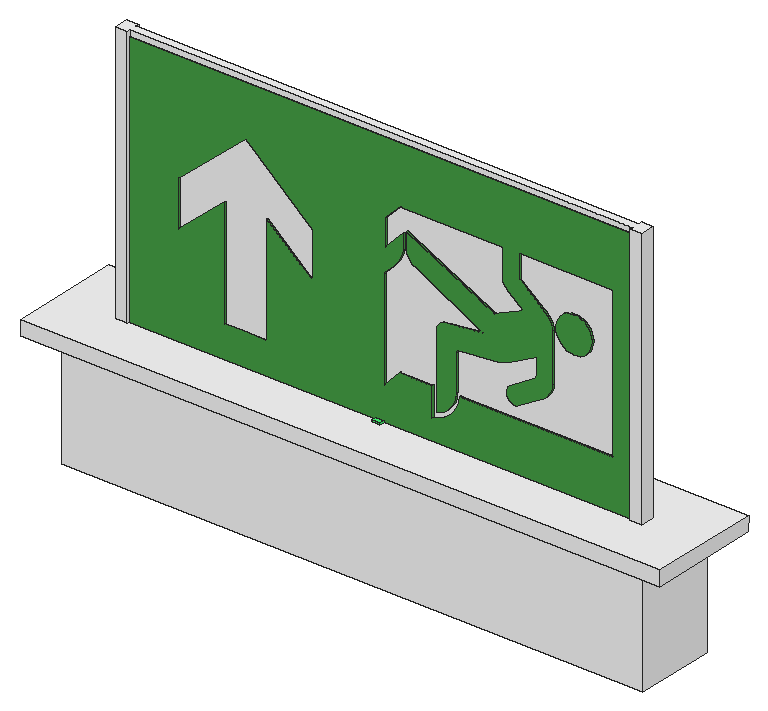
Revit family "LUBPRO-DALI-V_AUA01211230002", category Lighting Fixtures, host Face, Revit 2020
Family settings
  Host = Face
  Round Connector Dimension = Use Diameter
  Part Type = Normal
  OmniClass Number = 23.80.70.11.21
  OmniClass Title = Emergency Lighting
  Cut with Voids When Loaded = No
  Light Source = Yes
  Shared = No
  Room Calculation Point = No
Parameters (values of type "Runnign Man Left")
  Wattage = 9.2903 W
  built-in parameter 1150110 = 1 (stored number, unit not read)
  built-in parameter 1114217 = 1 (stored number, unit not read)
  Tilt Angle = 180.00°
  built-in parameter 1150109 = 1 (stored number, unit not read)
  built-in parameter 1150134 = 10
  built-in parameter 1150113 = 1 (stored number, unit not read)
  Straight line 'Face two' = no
  Straight line 'Face one' = no
  Straight line = no
  Runing Man common arrow = no
  Photometric Web File = "690_CUBPRO-VR_EM_50mA_11042019-01_IES2002_Revised.ies"
  Model = "LUBPRO-DALI-V"  # constant formula
  Material = Clevertronics_White
  Manufacturer = "Clevertronics"  # constant formula
  built-in parameter 1150105 = 109.82 (stored number, unit not read)
  Lumens = 1380 lm
  built-in parameter 1150115 = 1 (stored number, unit not read)
  built-in parameter 1150137 = (empty or 0)
  built-in parameter 1150139 = (empty or 0)
  built-in parameter 1150112 = 1 (stored number, unit not read)
  built-in parameter 1150114 = 1 (stored number, unit not read)
  Lamp = "12 x LED, 100,000 hours"  # constant formula
  built-in parameter 1150132 = (empty or 0)
  built-in parameter 1150102 = (empty or 0)
  built-in parameter 1150107 = 6430 (stored number, unit not read)
  built-in parameter 1150138 = (empty or 0)
  Indication Right 'Face one' = no
  Indication Right = no
  Indication Left 'Face one' = yes
  Indication Left 'Face Two' = no
  Indication Left = yes
  built-in parameter 1150106 = 1.0982 (stored number, unit not read)
  Emit from Line Length = 609 mm
  built-in parameter 1150104 = 13.8 (stored number, unit not read)
  Dimming Lamp Color Temperature Shift = <None>
  Description = "L10 Lithium Nanophosphate Ultrablade Pro Blade Exit – L10 Lithium Nanophosphate Ultrablade Pro Blade Exit – L10 Lithium Nanophosphate Ultrablade Pro Blade Exit –\r\nL10 Lithium Nanophosphate Ultrablade Pro Blade Exit –\r\nWall mount flag style vertical decal arrangment"  # constant formula
  Default Elevation = 2100 mm
  Color Filter = 16777215
  Clevertronics_Weight = "1.1kg"  # constant formula
  Clevertronics_Viewing Distance = "24m"  # constant formula
  Clevertronics_Testing System = "DALI Registered"  # constant formula
  Clevertronics_Testing Node = " 8003060 : PCA: DALI Node #CT10629-Ax "  # constant formula
  Clevertronics_Replacement Lamp = "8002178 : PCA:LL-Pro L10 2pinML 60mA .#CT10142-L5"  # constant formula
  Clevertronics_Replacement Driver = "AUM01270340003 LUBPRO-CKIT-DALI  : Ultrablade Pro, Control Only, Dali Reg, L10 (incl. DALI node) "  # constant formula
  Clevertronics_Replacement Battery = "1530050 : BATTERY:L10 3.3V 2.5AH 70mm lead,noBRKT"  # constant formula
  Clevertronics_Product Description = "L10 Lithium Nanophosphate Ultrablade Pro Blade Exit - Wall mount flag style vertical decal arrangement"  # constant formula
  Clevertronics_Power Consumption = "2.8 Watts (Standby), 4.2 Watts (Max)"  # constant formula
  Clevertronics_Other Modules = ""
  Clevertronics_Operating Voltage = "240V AC; 50Hz"  # constant formula
  Clevertronics_Operating Temperature = "1˚C to 40˚C"  # constant formula
  Clevertronics_Operating Mode = "Maintained"  # constant formula
  Clevertronics_Mounting = "Recessed Wall Mount, Single or Double Sided"  # constant formula
  Clevertronics_MIC Number = "AUA01211230002"  # constant formula
  Clevertronics_Inverter / Charger = ""
  Clevertronics_IP Rating = "IP20"  # constant formula
  Clevertronics_IK Rating = "IK03"  # constant formula
  Clevertronics_Dimensions Main Enclosure = "317mm x 157mm x 8.7mm (Blade Assembly)\r\n385mm x 67mm (Cover Plate"  # constant formula
  Clevertronics_Dimensions LED Enclosure = ""
  Clevertronics_Diffuser = "Vertical legend, 1 box solution (all directional inserts included in the box)"  # constant formula
  Clevertronics_Construction = "PC/ABS body with PC diffuser"  # constant formula
  Clevertronics_Charger Method = "Intelligent current limited constant voltage"  # constant formula
  Clevertronics_Battery Type = "Lithium Nanophosphate"  # constant formula
  Clevertronics_Battery = "3.3V 2500mAh"  # constant formula
  Clevertronics_Applicable Standards = "AS/NZS3820, CISPR15, AS/NZS2293.3"  # constant formula
  Clevertronics_AS2293 Classification = "C0=E1.25 C90=B1.25 "  # constant formula
  built-in parameter 1140040 [instance] = 1
  built-in parameter 1114218 = 1 (stored number, unit not read)
  built-in parameter 1150133 = 10 (stored number, unit not read)
  Apparent Load = 4.2 VA  # constant formula
Types (5, lengths in mm): name | built-in parameter 1150134 | Straight line 'Face two' | Straight line 'Face one' | Straight line | Runing Man common arrow | Photometric Web File | built-in parameter 1150107 | Indication Right 'Face one' | Indication Right | Indication Left 'Face one' | Indication Left | Emit from Line Length
  (no name) | 10 | no | no | no | no | "690_CUBPRO-VR_EM_50mA_11042019-01_IES2002_Revised.ies" | 6430 (stored number, unit not read) | no | no | yes | yes | 609
  Running Man ( Double sided ) | 3 | yes | yes | yes | no | "ll22840a_LWELED-HV-WM_AUA01820200001(Classification).ies" | 3200 (stored number, unit not read) | no | no | no | no | 609.6
  Runnign Man Left | 10 | no | no | no | no | "690_CUBPRO-VR_EM_50mA_11042019-01_IES2002_Revised.ies" | 6430 (stored number, unit not read) | no | no | yes | yes | 609
  Runnign Man Right | 3 | no | no | no | no | "ll22840a_LWELED-HV-WM_AUA01820200001(Classification).ies" | 3200 (stored number, unit not read) | yes | yes | no | no | 609.6
  Running man (Common Arrow) | 3 | no | no | no | yes | "ll22840a_LWELED-HV-WM_AUA01820200001(Classification).ies" | 3200 (stored number, unit not read) | no | no | no | no | 609.6
Reference planes
  plane 1 "Centre (Front/Back)": y = 0
  plane 2: z = 0
  plane 3 "Centre (Left/Right)": x = 0
  plane 4: z = 63.5
  plane 5: z = 33.337
  plane 6: z = 130
  plane 7: y = 59.254
  plane 8: x = 31.64
  plane 9: z = 110
Forms (mm)
  Extrusion 1, solid, material "Clevertronics_Plastic"
    sketch origin (-4.869, 0, -141.1) x (0, -1, 0) y (1, 0, 0)
      loop
        line (-24, 175) -> (-24, -175) -> (24, -175) -> (24, 175) -> (-24, 175)
    from 74.1 to 141.1
  Extrusion 2, solid, material "Clevertronics_Plastic"
    sketch origin (-4.869, 0, -67.9) x (0, -1, 0) y (1, 0, 0)
      loop
        line (-33.5, 192.5) -> (-33.5, -192.5) -> (33.5, -192.5) -> (33.5, 192.5) -> (-33.5, 192.5)
    from 67.9 to 76.6
  Extrusion 3, solid, material "Clevertronics_Plastic"
    sketch origin (-4.869, 0, 96.2) x (0, -1, 0) y (1, 0, 0)
      loop
        line (-2.5, 151.5) -> (-2.5, -151.5) -> (-4.25, -151.5) -> (-4.25, -158.5) -> (4.25, -158.5) -> (4.25, -151.5) -> (2.5, -151.5) -> (2.5, 151.5) -> (4.35, 151.5) -> (4.35, 158.5) -> (-4.35, 158.5) -> (-4.35, 151.5) -> (-2.5, 151.5)
    from -90 to 69.5
  Extrusion 4, solid, material "Green Plastic", visible <- "Straight line 'Face two'"
    sketch origin (146.631, 2.5, 96.2) x (-1, 0, 0) y (0, 0, 1)
      loop
        line (305.25, 66.5) -> (-2.25, 66.5) -> (-2.25, -87.25) -> (305.25, -87.25) -> (305.25, 66.5)
      loop
        line (209.583, 32.405) -> (147.838, 32.442) -> (147.838, 13.337)
        arc (147.838, 13.337) -> (146.299, 11.155) -> (144.358, 9.322) r 13.397
        line (144.358, 9.322) -> (135.294, 2.332) -> (152.766, -5.628) -> (205.708, 20.212) -> (205.708, 8.53)
        arc (205.708, 8.53) -> (203.851, 5.18) -> (200.715, 2.981) r 8.525
        line (200.715, 2.981) -> (159.848, -18.212) -> (180.834, -20.608) -> (182.998, -21.067)
        arc (182.998, -21.067) -> (186.412, -23.048) -> (187.989, -26.667) r 6.331
        line (187.989, -26.667) -> (187.989, -70.667)
        arc (187.989, -70.667) -> (179.445, -66.005) -> (176.043, -56.886) r 13.923
        line (176.043, -56.886) -> (176.043, -34.676)
        arc (176.043, -34.676) -> (174.798, -33.326) -> (173.063, -32.723) r 3.773
        line (173.063, -32.723) -> (150.352, -30.706)
        arc (150.352, -30.706) -> (147.052, -29.652) -> (143.894, -28.229) r 30.217
        line (143.894, -28.229) -> (127.696, -19.776) -> (127.696, -30.316)
        arc (127.696, -30.316) -> (128.311, -31.619) -> (129.375, -32.592) r 3.731
        line (129.375, -32.592) -> (143.296, -41.062)
        arc (143.296, -41.062) -> (145.004, -48.075) -> (137.991, -49.783) r 5.104
        line (137.991, -49.783) -> (122.144, -40.141)
        arc (122.144, -40.141) -> (118.948, -36.479) -> (117.796, -31.758) r 10.257
        line (117.796, -31.758) -> (117.796, -2.574)
        arc (117.796, -2.574) -> (119.068, 2.031) -> (122.117, 5.707) r 11.376
        line (122.117, 5.707) -> (138.025, 18.226) -> (138.025, 32.442) -> (81.624, 32.442) -> (81.624, -57.581) -> (173.782, -57.581)
        arc (173.782, -57.581) -> (179.172, -69.073) -> (190.509, -74.78) r 19.42
        line (190.509, -74.78) -> (190.509, -57.581) -> (209.875, -57.581) -> (219.099, -67.079) -> (219.099, -6.96) -> (212.909, -0.749)
        arc (212.909, -0.749) -> (209.618, 3.754) -> (207.833, 9.039) r 18.338
        line (207.833, 9.039) -> (207.833, 18.541) -> (218.798, 7.239) -> (218.798, 23.158) -> (209.583, 32.405)
      loop
        circle (104.961, -0.166) r 11.018
    from 0 to 0.767
  Extrusion 5, solid, material "Green Plastic", visible <- "Straight line 'Face one'"
    sketch origin (-156.369, -2.5, 96.2) x (1, 0, 0) y (0, 0, 1)
      loop
        line (-2.25, 66.5) -> (-2.25, -87.5) -> (305.25, -87.5) -> (305.25, 66.5) -> (-2.25, 66.5)
      loop
        line (94.042, 33.655) -> (84.827, 24.408) -> (84.827, 8.489) -> (95.792, 19.791) -> (95.792, 10.289)
        arc (95.792, 10.289) -> (94.007, 5.004) -> (90.716, 0.501) r 18.338
        line (90.716, 0.501) -> (84.526, -5.71) -> (84.526, -65.829) -> (93.75, -56.331) -> (113.116, -56.331) -> (113.116, -73.53)
        arc (113.116, -73.53) -> (124.453, -67.823) -> (129.843, -56.331) r 19.42
        line (129.843, -56.331) -> (222.001, -56.331) -> (222.001, 33.692) -> (165.6, 33.692) -> (165.6, 19.476) -> (181.508, 6.957)
        arc (181.508, 6.957) -> (184.557, 3.281) -> (185.829, -1.324) r 11.376
        line (185.829, -1.324) -> (185.829, -30.508)
        arc (185.829, -30.508) -> (184.677, -35.229) -> (181.481, -38.891) r 10.257
        line (181.481, -38.891) -> (165.634, -48.533)
        arc (165.634, -48.533) -> (158.621, -46.825) -> (160.329, -39.812) r 5.104
        line (160.329, -39.812) -> (174.25, -31.342)
        arc (174.25, -31.342) -> (175.314, -30.369) -> (175.929, -29.066) r 3.731
        line (175.929, -29.066) -> (175.929, -18.526) -> (159.731, -26.979)
        arc (159.731, -26.979) -> (156.573, -28.402) -> (153.273, -29.456) r 30.217
        line (153.273, -29.456) -> (130.562, -31.473)
        arc (130.562, -31.473) -> (128.827, -32.076) -> (127.582, -33.426) r 3.773
        line (127.582, -33.426) -> (127.582, -55.636)
        arc (127.582, -55.636) -> (124.18, -64.755) -> (115.636, -69.417) r 13.923
        line (115.636, -69.417) -> (115.636, -25.417)
        arc (115.636, -25.417) -> (117.213, -21.798) -> (120.627, -19.817) r 6.331
        line (120.627, -19.817) -> (122.791, -19.358) -> (143.777, -16.962) -> (102.91, 4.231)
        arc (102.91, 4.231) -> (99.774, 6.43) -> (97.917, 9.78) r 8.525
        line (97.917, 9.78) -> (97.917, 21.462) -> (150.859, -4.378) -> (168.331, 3.582) -> (159.267, 10.572)
        arc (159.267, 10.572) -> (157.326, 12.405) -> (155.787, 14.587) r 13.397
        line (155.787, 14.587) -> (155.787, 33.692) -> (94.042, 33.655)
      loop
        circle (198.664, 1.084) r 11.018
    from 0 to 0.767
  Extrusion 6, solid, material "Green Plastic", visible <- "Indication Right 'Face one'"
    sketch origin (-156.369, -2.5, 96.2) x (1, 0, 0) y (0, 0, 1)
      loop
        line (-3.5, 66.5) -> (-3.5, -87.5) -> (304, -87.5) -> (304, 66.5) -> (-3.5, 66.5)
      loop
        line (70.589, 35.866) -> (58.089, 35.866) -> (58.089, -30) -> (30.307, -5.849) -> (30.307, -33.349) -> (70.589, -68.366) -> (110.872, -33.349) -> (110.872, -5.849) -> (83.089, -30) -> (83.089, 35.866) -> (70.589, 35.866)
      loop
        line (164.042, -62.003) -> (225.787, -62.04) -> (225.787, -42.934)
        arc (225.787, -42.934) -> (227.326, -40.753) -> (229.267, -38.92) r 13.397
        line (229.267, -38.92) -> (238.331, -31.93) -> (220.859, -23.97) -> (167.917, -49.809) -> (167.917, -38.127)
        arc (167.917, -38.127) -> (169.774, -34.778) -> (172.91, -32.579) r 8.525
        line (172.91, -32.579) -> (213.777, -11.386) -> (192.791, -8.99) -> (190.627, -8.531)
        arc (190.627, -8.531) -> (187.213, -6.55) -> (185.636, -2.931) r 6.331
        line (185.636, -2.931) -> (185.636, 41.069)
        arc (185.636, 41.069) -> (194.18, 36.407) -> (197.582, 27.288) r 13.923
        line (197.582, 27.288) -> (197.582, 5.078)
        arc (197.582, 5.078) -> (198.827, 3.728) -> (200.562, 3.125) r 3.773
        line (200.562, 3.125) -> (223.273, 1.108)
        arc (223.273, 1.108) -> (226.573, 0.055) -> (229.731, -1.369) r 30.217
        line (229.731, -1.369) -> (245.929, -9.822) -> (245.929, 0.718)
        arc (245.929, 0.718) -> (245.314, 2.021) -> (244.25, 2.994) r 3.731
        line (244.25, 2.994) -> (230.329, 11.464)
        arc (230.329, 11.464) -> (228.621, 18.477) -> (235.634, 20.185) r 5.104
        line (235.634, 20.185) -> (251.481, 10.543)
        arc (251.481, 10.543) -> (254.677, 6.881) -> (255.829, 2.16) r 10.257
        line (255.829, 2.16) -> (255.829, -27.024)
        arc (255.829, -27.024) -> (254.557, -31.628) -> (251.508, -35.305) r 11.376
        line (251.508, -35.305) -> (235.6, -47.824) -> (235.6, -62.04) -> (292.001, -62.04) -> (292.001, 27.984) -> (199.843, 27.984)
        arc (199.843, 27.984) -> (194.453, 39.475) -> (183.116, 45.182) r 19.42
        line (183.116, 45.182) -> (183.116, 27.984) -> (163.75, 27.984) -> (154.526, 37.481) -> (154.526, -22.638) -> (160.716, -28.849)
        arc (160.716, -28.849) -> (164.007, -33.352) -> (165.792, -38.637) r 18.338
        line (165.792, -38.637) -> (165.792, -48.139) -> (154.827, -36.837) -> (154.827, -52.756) -> (164.042, -62.003)
      loop
        circle (268.664, -29.432) r 11.018
    from 0 to 0.767
  Extrusion 7, solid, material "Green Plastic", visible <- "Indication Left 'Face one'"
    sketch origin (-156.369, -2.5, 96.2) x (1, 0, 0) y (0, 0, 1)
      loop
        line (305.25, 66.5) -> (-2.25, 66.5) -> (-2.25, -87.5) -> (305.25, -87.5) -> (305.25, 66.5)
      loop
        line (70.536, -68.366) -> (83.036, -68.366) -> (83.036, -2.5) -> (110.818, -26.651) -> (110.818, 0.849) -> (70.536, 35.866) -> (30.253, 0.849) -> (30.253, -26.651) -> (58.036, -2.5) -> (58.036, -68.366) -> (70.536, -68.366)
      loop
        line (163.953, 32.367) -> (154.738, 23.121) -> (154.738, 7.201) -> (165.703, 18.504) -> (165.703, 9.002)
        arc (165.703, 9.002) -> (163.918, 3.717) -> (160.627, -0.787) r 18.338
        line (160.627, -0.787) -> (154.437, -6.998) -> (154.437, -67.116) -> (163.661, -57.619) -> (183.027, -57.619) -> (183.027, -74.818)
        arc (183.027, -74.818) -> (194.364, -69.111) -> (199.754, -57.619) r 19.42
        line (199.754, -57.619) -> (291.912, -57.619) -> (291.912, 32.404) -> (235.511, 32.404) -> (235.511, 18.189) -> (251.418, 5.669)
        arc (251.418, 5.669) -> (254.468, 1.993) -> (255.74, -2.611) r 11.376
        line (255.74, -2.611) -> (255.74, -31.795)
        arc (255.74, -31.795) -> (254.588, -36.517) -> (251.392, -40.179) r 10.257
        line (251.392, -40.179) -> (235.545, -49.82)
        arc (235.545, -49.82) -> (228.532, -48.113) -> (230.24, -41.1) r 5.104
        line (230.24, -41.1) -> (244.161, -32.629)
        arc (244.161, -32.629) -> (245.225, -31.657) -> (245.84, -30.354) r 3.731
        line (245.84, -30.354) -> (245.84, -19.814) -> (229.642, -28.266)
        arc (229.642, -28.266) -> (226.484, -29.69) -> (223.184, -30.743) r 30.217
        line (223.184, -30.743) -> (200.473, -32.76)
        arc (200.473, -32.76) -> (198.738, -33.363) -> (197.493, -34.714) r 3.773
        line (197.493, -34.714) -> (197.493, -56.923)
        arc (197.493, -56.923) -> (194.091, -66.042) -> (185.547, -70.705) r 13.923
        line (185.547, -70.705) -> (185.547, -26.705)
        arc (185.547, -26.705) -> (187.124, -23.086) -> (190.538, -21.104) r 6.331
        line (190.538, -21.104) -> (192.702, -20.645) -> (213.688, -18.25) -> (172.821, 2.943)
        arc (172.821, 2.943) -> (169.685, 5.142) -> (167.828, 8.492) r 8.525
        line (167.828, 8.492) -> (167.828, 20.174) -> (220.77, -5.666) -> (238.242, 2.294) -> (229.178, 9.285)
        arc (229.178, 9.285) -> (227.237, 11.118) -> (225.698, 13.299) r 13.397
        line (225.698, 13.299) -> (225.698, 32.404) -> (163.953, 32.367)
      loop
        circle (268.575, -0.204) r 11.018
    from 0 to 0.767
  Extrusion 8, solid, material "Grün Led"
    sketch origin (-4.869, -0.375, 0) x (1, 0, 0) y (0, 0, 1)
      loop
        line (2.5, 8.369) -> (2.5, 9.588) -> (-2.5, 9.588) -> (-2.5, 8.369) -> (2.5, 8.369)
    from 3.213 to 5.915
  Extrusion 9, solid, material "Grün Led"
    sketch origin (-4.869, 0.406, 0) x (1, 0, 0) y (0, 0, -1)
      loop
        line (2.5, -8.369) -> (-2.5, -8.369) -> (-2.5, -9.588) -> (2.5, -9.588) -> (2.5, -8.369)
    from 3.213 to 6.02
  Extrusion 10, solid, material "Green Plastic", visible <- "Runing Man common arrow"
    sketch origin (-156.369, 2.5, 96.2) x (1, 0, 0) y (0, 0, -1)
      loop
        line (305.25, -66.5) -> (305.25, 87.5) -> (-2.25, 87.5) -> (-2.25, -66.5) -> (305.25, -66.5)
      loop
        line (163.953, 63.494) -> (154.738, 54.247) -> (154.738, 38.328) -> (165.703, 49.63) -> (165.703, 40.128)
        arc (165.703, 40.128) -> (163.918, 34.843) -> (160.627, 30.34) r 18.338
        line (160.627, 30.34) -> (154.437, 24.129) -> (154.437, -35.99) -> (163.661, -26.493) -> (183.027, -26.493) -> (183.027, -43.692)
        arc (183.027, -43.692) -> (194.364, -37.984) -> (199.754, -26.493) r 19.42
        line (199.754, -26.493) -> (291.912, -26.493) -> (291.912, 63.53) -> (235.511, 63.53) -> (235.511, 49.315) -> (251.418, 36.796)
        arc (251.418, 36.796) -> (254.468, 33.119) -> (255.74, 28.515) r 11.376
        line (255.74, 28.515) -> (255.74, -0.669)
        arc (255.74, -0.669) -> (254.588, -5.391) -> (251.392, -9.052) r 10.257
        line (251.392, -9.052) -> (235.545, -18.694)
        arc (235.545, -18.694) -> (228.532, -16.986) -> (230.24, -9.973) r 5.104
        line (230.24, -9.973) -> (244.161, -1.503)
        arc (244.161, -1.503) -> (245.225, -0.53) -> (245.84, 0.773) r 3.731
        line (245.84, 0.773) -> (245.84, 11.313) -> (229.642, 2.86)
        arc (229.642, 2.86) -> (226.484, 1.436) -> (223.184, 0.383) r 30.217
        line (223.184, 0.383) -> (200.473, -1.634)
        arc (200.473, -1.634) -> (198.738, -2.237) -> (197.493, -3.588) r 3.773
        line (197.493, -3.588) -> (197.493, -25.797)
        arc (197.493, -25.797) -> (194.091, -34.916) -> (185.547, -39.579) r 13.923
        line (185.547, -39.579) -> (185.547, 4.422)
        arc (185.547, 4.422) -> (187.124, 8.041) -> (190.538, 10.022) r 6.331
        line (190.538, 10.022) -> (192.702, 10.481) -> (213.688, 12.877) -> (172.821, 34.07)
        arc (172.821, 34.07) -> (169.685, 36.268) -> (167.828, 39.618) r 8.525
        line (167.828, 39.618) -> (167.828, 51.3) -> (220.77, 25.46) -> (238.242, 33.421) -> (229.178, 40.411)
        arc (229.178, 40.411) -> (227.237, 42.244) -> (225.698, 44.425) r 13.397
        line (225.698, 44.425) -> (225.698, 63.53) -> (163.953, 63.494)
      loop
        circle (268.575, 30.923) r 11.018
      loop
        line (70.536, -37.116) -> (83.036, -37.116) -> (83.036, 28.75) -> (110.818, 4.599) -> (110.818, 32.099) -> (70.536, 67.116) -> (30.253, 32.099) -> (30.253, 4.599) -> (58.036, 28.75) -> (58.036, -37.116) -> (70.536, -37.116)
    from 0 to 0.767
  Extrusion 11, solid, material "Green Plastic", visible <- "Runing Man common arrow"
    sketch origin (-156.369, -2.5, 96.2) x (1, 0, 0) y (0, 0, 1)
      loop
        line (305.25, 66.5) -> (-2.25, 66.5) -> (-2.25, -87.5) -> (305.25, -87.5) -> (305.25, 66.5)
      loop
        line (164.265, -63.494) -> (226.01, -63.53) -> (226.01, -44.425)
        arc (226.01, -44.425) -> (227.549, -42.244) -> (229.49, -40.411) r 13.397
        line (229.49, -40.411) -> (238.554, -33.421) -> (221.083, -25.46) -> (168.14, -51.3) -> (168.14, -39.618)
        arc (168.14, -39.618) -> (169.997, -36.268) -> (173.134, -34.07) r 8.525
        line (173.134, -34.07) -> (214, -12.877) -> (193.014, -10.481) -> (190.85, -10.022)
        arc (190.85, -10.022) -> (187.436, -8.041) -> (185.86, -4.422) r 6.331
        line (185.86, -4.422) -> (185.86, 39.579)
        arc (185.86, 39.579) -> (194.403, 34.916) -> (197.805, 25.797) r 13.923
        line (197.805, 25.797) -> (197.805, 3.588)
        arc (197.805, 3.588) -> (199.05, 2.237) -> (200.785, 1.634) r 3.773
        line (200.785, 1.634) -> (223.497, -0.383)
        arc (223.497, -0.383) -> (226.797, -1.436) -> (229.955, -2.86) r 30.217
        line (229.955, -2.86) -> (246.153, -11.313) -> (246.153, -0.773)
        arc (246.153, -0.773) -> (245.537, 0.53) -> (244.474, 1.503) r 3.731
        line (244.474, 1.503) -> (230.552, 9.973)
        arc (230.552, 9.973) -> (228.845, 16.986) -> (235.858, 18.694) r 5.104
        line (235.858, 18.694) -> (251.705, 9.052)
        arc (251.705, 9.052) -> (254.901, 5.391) -> (256.052, 0.669) r 10.257
        line (256.052, 0.669) -> (256.052, -28.515)
        arc (256.052, -28.515) -> (254.781, -33.119) -> (251.731, -36.796) r 11.376
        line (251.731, -36.796) -> (235.824, -49.315) -> (235.824, -63.53) -> (292.224, -63.53) -> (292.224, 26.493) -> (200.067, 26.493)
        arc (200.067, 26.493) -> (194.676, 37.984) -> (183.339, 43.692) r 19.42
        line (183.339, 43.692) -> (183.339, 26.493) -> (163.974, 26.493) -> (154.749, 35.99) -> (154.749, -24.129) -> (160.94, -30.34)
        arc (160.94, -30.34) -> (164.231, -34.843) -> (166.016, -40.128) r 18.338
        line (166.016, -40.128) -> (166.016, -49.63) -> (155.051, -38.328) -> (155.051, -54.247) -> (164.265, -63.494)
      loop
        circle (268.887, -30.923) r 11.018
      loop
        line (70.536, 37.116) -> (58.036, 37.116) -> (58.036, -28.75) -> (30.253, -4.599) -> (30.253, -32.099) -> (70.536, -67.116) -> (110.818, -32.099) -> (110.818, -4.599) -> (83.036, -28.75) -> (83.036, 37.116) -> (70.536, 37.116)
    from 0 to 0.767
Dimensions and locks
  locked: plane 2 to plane 4 at 63.5
  locked: plane 2 to plane 5 at 33.338
  plane 6 to plane 2 = 130 mm
  plane 9 to host face = 110 mm
  aligned and locked: plane 2 to host face
  aligned and locked: level to host face
Nested families
  nested 1: "Symbol Right Indication" at (0, 0, 173.449) x (0, 1, 0) z (1, 0, 0), visible <- "Indication Right", type "Symbol Right Indication"
  nested 2: "Symbol straight line Indication" at (0, 0, 173.449) x (0, 1, 0) z (1, 0, 0), visible <- "Straight line", type "Symbol straight line Indication"
  nested 3: "Symbol Left Indication" at (0, 0, 173.449) x (0, -1, 0) z (1, 0, 0), visible <- "Indication Left", type "Symbol Left Indication"
  nested 4: "Symbol Left Indication" at (0, 0, 173.449) x (0, -1, 0) z (1, 0, 0), visible <- "Runing Man common arrow", type "Symbol Left Indication"
Connectors
  electrical at (-4.869, 0, -67)
    settings: on Extrusion 1, index 1, voltage 230 V, apparent load 0 VA, apparent load phase1 4.2 VA, apparent load phase2 0 VA, apparent load phase3 0 VA, power factor 1, load classification "Other", number of poles 1, system type 31, power factor state 1, is connector primary yes, connector utility no, sub classification motor no, connector description ""
Definition of nested family "Symbol Right Indication"
  Reference planes
    plane 1 "Center (Front/Back)": y = 0
    plane 2: z = 0
    plane 3 "Center (Left/Right)": x = 0
    plane 4: x = -325.152, in view "Ref. Level"
    plane 5: x = 325.152, in view "Ref. Level"
    plane 6: y = 173.449, in view "Ref. Level"
    plane 7: y = -173.449, in view "Ref. Level"
  Lines and regions (mm)
    Filled region 1, type "Plastic Grün", in view "Ref. Level"
      outline origin (0, 0, 0) x (1, 0, 0) y (0, 1, 0)
        loop
          line (-325.152, 173.449) -> (-325.152, -173.449) -> (325.152, -173.449) -> (325.152, 173.449) -> (-325.152, 173.449)
        loop
          line (-304.923, -95.705) -> (-125.412, -95.705)
          arc (-125.412, -95.705) -> (-113.989, -123.282) -> (-86.412, -134.705) r 39
          line (-86.412, -134.705) -> (-86.412, -95.705) -> (-45.412, -95.705) -> (-23.491, -117.625) -> (-23.491, 21.375) -> (-48.947, 46.831) -> (-48.947, 76.831) -> (-23.491, 51.375) -> (-23.491, 90.375) -> (-45.412, 112.295) -> (-184.923, 112.295) -> (-184.923, 74.295)
          arc (-184.923, 74.295) -> (-188.049, 66.305) -> (-193.227, 59.464) r 31.304
          line (-193.227, 59.464) -> (-211.612, 41.079)
          arc (-211.612, 41.079) -> (-213.508, 38.103) -> (-211.612, 35.127) r 3.284
          line (-211.612, 35.127) -> (-179.891, 20.335)
          arc (-179.891, 20.335) -> (-175.643, 19.197) -> (-171.394, 20.335) r 8.497
          line (-171.394, 20.335) -> (-58.811, 85.335) -> (-58.811, 58.335)
          arc (-58.811, 58.335) -> (-61.615, 50.264) -> (-68.819, 45.67) r 13.019
          line (-68.819, 45.67) -> (-155.421, -4.33)
          arc (-155.421, -4.33) -> (-156.621, -6.408) -> (-155.421, -8.486) r 2.399
          line (-155.421, -8.486) -> (-106.541, -11.904)
          arc (-106.541, -11.904) -> (-99.378, -14.87) -> (-96.412, -22.033) r 10.129
          line (-96.412, -22.033) -> (-96.412, -119.705)
          arc (-96.412, -119.705) -> (-113.382, -112.675) -> (-120.412, -95.705) r 24
          line (-120.412, -95.705) -> (-120.412, -42.705)
          arc (-120.412, -42.705) -> (-124.679, -39.661) -> (-129.753, -38.349) r 14.38
          line (-129.753, -38.349) -> (-169.655, -35.559)
          arc (-169.655, -35.559) -> (-179.721, -34.439) -> (-189.662, -32.501) r 123.737
          line (-189.662, -32.501) -> (-225.914, -15.596) -> (-225.914, -44.596) -> (-189.822, -54.267)
          arc (-189.822, -54.267) -> (-182.397, -67.126) -> (-195.257, -74.551) r 10.5
          line (-195.257, -74.551) -> (-238.724, -62.904)
          arc (-238.724, -62.904) -> (-244.67, -58.906) -> (-246.914, -52.101) r 11.051
          line (-246.914, -52.101) -> (-246.914, 12.899)
          arc (-246.914, 12.899) -> (-244.9, 33.62) -> (-233.914, 51.304) r 45.756
          line (-233.914, 51.304) -> (-204.923, 80.295) -> (-204.923, 112.295) -> (-304.923, 112.295) -> (-304.923, -95.705)
        loop
          circle (-273.298, 35.864) r 20
        loop
          line (132.732, -122.5) -> (192.732, -122.5) -> (192.732, 9.5) -> (259.907, -57.675) -> (259.907, 25.325) -> (162.732, 122.5) -> (65.557, 25.325) -> (65.557, -57.675) -> (132.732, 9.5) -> (132.732, -122.5)
  Dimensions and locks
    plane 6 to plane 7 = 346.899 mm
    plane 4 to plane 5 = 650.305 mm
    equal spacing: plane 6, plane 1 "Center (Front/Back)", plane 7
    equal spacing: plane 4, plane 3 "Center (Left/Right)", plane 5
Definition of nested family "Symbol straight line Indication"
  Reference planes
    plane 1 "Center (Front/Back)": y = 0
    plane 2: z = 0
    plane 3 "Center (Left/Right)": x = 0
    plane 4: x = -325.152, in view "Ref. Level"
    plane 5: x = 325.152, in view "Ref. Level"
    plane 6: y = 173.449, in view "Ref. Level"
    plane 7: y = -173.449, in view "Ref. Level"
  Lines and regions (mm)
    Filled region 1, type "Plastic Grün", in view "Ref. Level"
      outline origin (0, 0, 0) x (1, 0, 0) y (0, 1, 0)
        loop
          line (-325.152, 173.449) -> (-325.152, -173.449) -> (325.152, -173.449) -> (325.152, 173.449) -> (-325.152, 173.449)
        loop
          line (-160.216, -95.705) -> (19.295, -95.705)
          arc (19.295, -95.705) -> (30.718, -123.282) -> (58.295, -134.705) r 39
          line (58.295, -134.705) -> (58.295, -95.705) -> (99.295, -95.705) -> (121.216, -117.625) -> (121.216, 21.375) -> (95.76, 46.831) -> (95.76, 76.831) -> (121.216, 51.375) -> (121.216, 90.375) -> (99.295, 112.295) -> (-40.216, 112.295) -> (-40.216, 74.295)
          arc (-40.216, 74.295) -> (-43.342, 66.305) -> (-48.52, 59.464) r 31.304
          line (-48.52, 59.464) -> (-66.905, 41.079)
          arc (-66.905, 41.079) -> (-68.801, 38.103) -> (-66.905, 35.127) r 3.284
          line (-66.905, 35.127) -> (-35.184, 20.335)
          arc (-35.184, 20.335) -> (-30.936, 19.197) -> (-26.687, 20.335) r 8.497
          line (-26.687, 20.335) -> (85.896, 85.335) -> (85.896, 58.335)
          arc (85.896, 58.335) -> (83.092, 50.264) -> (75.888, 45.67) r 13.019
          line (75.888, 45.67) -> (-10.714, -4.33)
          arc (-10.714, -4.33) -> (-11.914, -6.408) -> (-10.714, -8.486) r 2.399
          line (-10.714, -8.486) -> (38.166, -11.904)
          arc (38.166, -11.904) -> (45.329, -14.87) -> (48.295, -22.033) r 10.129
          line (48.295, -22.033) -> (48.295, -119.705)
          arc (48.295, -119.705) -> (31.325, -112.675) -> (24.295, -95.705) r 24
          line (24.295, -95.705) -> (24.295, -42.705)
          arc (24.295, -42.705) -> (20.028, -39.661) -> (14.954, -38.349) r 14.38
          line (14.954, -38.349) -> (-24.948, -35.559)
          arc (-24.948, -35.559) -> (-35.014, -34.439) -> (-44.955, -32.501) r 123.737
          line (-44.955, -32.501) -> (-81.207, -15.596) -> (-81.207, -44.596) -> (-45.115, -54.267)
          arc (-45.115, -54.267) -> (-37.69, -67.126) -> (-50.55, -74.551) r 10.5
          line (-50.55, -74.551) -> (-94.017, -62.904)
          arc (-94.017, -62.904) -> (-99.963, -58.906) -> (-102.207, -52.101) r 11.051
          line (-102.207, -52.101) -> (-102.207, 12.899)
          arc (-102.207, 12.899) -> (-100.193, 33.62) -> (-89.207, 51.304) r 45.756
          line (-89.207, 51.304) -> (-60.216, 80.295) -> (-60.216, 112.295) -> (-160.216, 112.295) -> (-160.216, -95.705)
        loop
          circle (-128.591, 35.864) r 20
  Dimensions and locks
    plane 6 to plane 7 = 346.899 mm
    plane 4 to plane 5 = 650.305 mm
    equal spacing: plane 6, plane 1 "Center (Front/Back)", plane 7
    equal spacing: plane 4, plane 3 "Center (Left/Right)", plane 5
Definition of nested family "Symbol Left Indication"
  Reference planes
    plane 1 "Center (Front/Back)": y = 0
    plane 2: z = 0
    plane 3 "Center (Left/Right)": x = 0
    plane 4: x = 325.152, in view "Ref. Level"
    plane 5: x = -325.152, in view "Ref. Level"
    plane 6: y = 173.449, in view "Ref. Level"
    plane 7: y = -173.449, in view "Ref. Level"
  Lines and regions (mm)
    Filled region 1, type "Plastic Grün", in view "Ref. Level"
      outline origin (0, 0, 0) x (0, 1, 0) y (-1, 0, 0)
        loop
          line (173.449, -325.152) -> (173.449, 325.152) -> (-173.449, 325.152) -> (-173.449, -325.152) -> (173.449, -325.152)
        loop
          line (-95.705, -304.923) -> (112.295, -304.923) -> (112.295, -204.923) -> (80.295, -204.923) -> (51.304, -233.914)
          arc (51.304, -233.914) -> (33.62, -244.9) -> (12.899, -246.914) r 45.756
          line (12.899, -246.914) -> (-52.101, -246.914)
          arc (-52.101, -246.914) -> (-58.906, -244.67) -> (-62.904, -238.724) r 11.051
          line (-62.904, -238.724) -> (-74.551, -195.257)
          arc (-74.551, -195.257) -> (-67.126, -182.397) -> (-54.267, -189.822) r 10.5
          line (-54.267, -189.822) -> (-44.596, -225.914) -> (-15.596, -225.914) -> (-32.501, -189.662)
          arc (-32.501, -189.662) -> (-34.439, -179.721) -> (-35.559, -169.655) r 123.737
          line (-35.559, -169.655) -> (-38.349, -129.753)
          arc (-38.349, -129.753) -> (-39.661, -124.679) -> (-42.705, -120.412) r 14.38
          line (-42.705, -120.412) -> (-95.705, -120.412)
          arc (-95.705, -120.412) -> (-112.675, -113.382) -> (-119.705, -96.412) r 24
          line (-119.705, -96.412) -> (-22.033, -96.412)
          arc (-22.033, -96.412) -> (-14.87, -99.378) -> (-11.904, -106.541) r 10.129
          line (-11.904, -106.541) -> (-8.486, -155.421)
          arc (-8.486, -155.421) -> (-6.408, -156.621) -> (-4.33, -155.421) r 2.399
          line (-4.33, -155.421) -> (45.67, -68.819)
          arc (45.67, -68.819) -> (50.264, -61.615) -> (58.335, -58.811) r 13.019
          line (58.335, -58.811) -> (85.335, -58.811) -> (20.335, -171.394)
          arc (20.335, -171.394) -> (19.197, -175.643) -> (20.335, -179.891) r 8.497
          line (20.335, -179.891) -> (35.127, -211.612)
          arc (35.127, -211.612) -> (38.103, -213.508) -> (41.079, -211.612) r 3.284
          line (41.079, -211.612) -> (59.464, -193.227)
          arc (59.464, -193.227) -> (66.305, -188.049) -> (74.295, -184.923) r 31.304
          line (74.295, -184.923) -> (112.295, -184.923) -> (112.295, -45.412) -> (90.375, -23.491) -> (51.375, -23.491) -> (76.831, -48.947) -> (46.831, -48.947) -> (21.375, -23.491) -> (-117.625, -23.491) -> (-95.705, -45.412) -> (-95.705, -86.412) -> (-134.705, -86.412)
          arc (-134.705, -86.412) -> (-123.282, -113.989) -> (-95.705, -125.412) r 39
          line (-95.705, -125.412) -> (-95.705, -304.923)
        loop
          circle (35.864, -273.298) r 20
        loop
          line (-122.5, 132.732) -> (9.5, 132.732) -> (-57.675, 65.557) -> (25.325, 65.557) -> (122.5, 162.732) -> (25.325, 259.907) -> (-57.675, 259.907) -> (9.5, 192.732) -> (-122.5, 192.732) -> (-122.5, 132.732)
  Dimensions and locks
    plane 6 to plane 7 = 346.899 mm  (x2)
    plane 4 to plane 5 = 650.305 mm  (x2)
